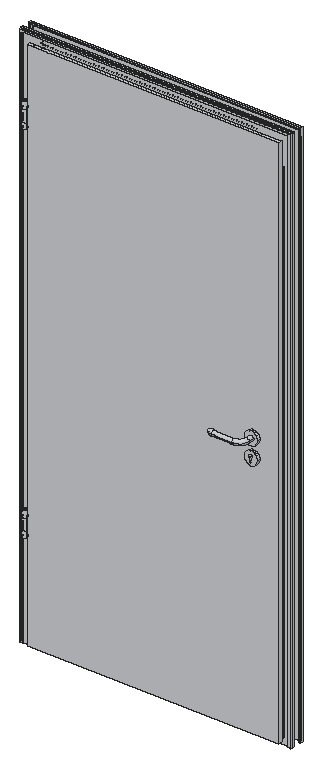
Revit family "BOS-Leibungszarge-Planar-TEud-STW_Familie", category Türen, Revit 2017 (continued)
Definition of nested family "BOS-Info-Texte_Beschriftung"
  Types (12, lengths in mm): name | Unten | Schwarz | Rot | Oben | Info-Text En unten | Info-Text De unten | Info-Text En oben | Info-Text De oben | Warndreieck | Fehlerkreis | Deutsch unten schwarz | Deutsch oben rot | Deutsch oben schwarz
    Wandartauswahl 15Nz15Z | no | yes | no | yes | "Kein Text" | "Kein Text" | "Attention for stud walls: underlay from site required!\r\nFor DIN door leaves, select larger structural wall measurements.\r\nFor selection \"stud walls\":\r\nsee 'Features' (remove tick for brick walls)" | "Achtung bei Ständerwerk: bauseitige Unterfütterung erforderlich!\r\nBei DIN-Türblatt Rohbaumaße größer wählen.\r\nFür Auswahl \"Ständerwerk\": \r\nsiehe 'Eigenschaften' (Häkchen entfernen bei Mauerwerk)." | no | no | no | no | yes
    Technische Hinweise | no | yes | no | yes | "Kein Text" | "Kein Text" | "Due to manufacturing reasons this Revit family may not be changed\r\nwithout consulting BOS!\r\n\r\nDo not mirror frames (door list)!\r\nsee ‘Features’: DIN left / DIN right\r\n\r\nThe solid and stud walls or, for example, their profiles,\r\nmust be designed so that they can reliably and sustainably\r\nabsorb the static and dynamic forces resulting\r\nfrom the load on the door element used." | "Diese Revit-Familie darf aus fertigungstechnischen Gründen\r\nnicht ohne Rücksprache mit BOS abgeändert werden!\r\n\r\nZargen nicht spiegeln (Türliste)!\r\nsiehe 'Eigenschaften': DIN links / DIN rechts\r\n\r\nDie Massiv- und Ständerwerkswände bzw. deren Profile\r\nmüssen so ausgebildet sein, dass sie die statischen\r\nund dynamischen Kräfte, welche sich aus der Belastung\r\nder verwendeten Türelements ergeben, zuverlässig\r\nund nachhaltig aufnehmen können." | no | no | no | no | yes
    Drückerhöhe Warnung | yes | yes | no | no | "Please take the handle depth/height and/or DIN opening direction into account" | "Drückertiefen/-höhen und/oder DIN Richtungen beachten/anpassen!" | "Kein Text" | "Kein Text" | yes | no | yes | no | no
    Maulweite-Dehnungsfuge Fehlermeldung | no | yes | no | yes | "Kein Text" | "Kein Text" | "Check the wall thickness and/or expansion joint!" | "Wandstärke und/oder Dehnungsfuge prüfen!" | no | yes | no | no | yes
    Technische Hinweise Norm | no | yes | no | yes | "Kein Text" | "Kein Text" | "Due to manufacturing reasons this Revit family may not be changed\r\nwithout consulting BOS!\r\n\r\nThe solid and stud walls or, for example, their profiles,\r\nmust be designed so that they can reliably and sustainably\r\nabsorb the static and dynamic forces resulting\r\nfrom the load on the door element used." | "Diese Revit-Familie darf aus fertigungstechnischen Gründen\r\nnicht ohne Rücksprache mit BOS abgeändert werden!\r\n\r\nDie Massiv- und Ständerwerkswände bzw. deren Profile\r\nmüssen so ausgebildet sein, dass sie die statischen\r\nund dynamischen Kräfte, welche sich aus der Belastung\r\nder verwendeten Türelements ergeben, zuverlässig\r\nund nachhaltig aufnehmen können." | no | no | no | no | yes
    Maßauswahl | no | no | yes | yes | "Kein Text" | "Kein Text" | "To choose  Rebate Width/Height Measurement, Receiving Opening\r\nsee 'Features'" | "Auswahl von FMB, FMH, MW\r\nunter 'Eigenschaften'" | no | no | no | yes | no
    Rohbaumaß Warnung | no | yes | no | yes | "Kein Text" | "Kein Text" | "For DIN door leaves, select larger structural wall measurements!\r\nWhen changing the architrave widths, the structural measurements change accordingly." | "Bei DIN-Türblatt Rohbaumaße größer wählen!\r\nBei Änderung der Spiegelbreiten, Rohbaumaße beachten." | no | no | no | no | yes
    Drehpunkt Warnung | no | yes | no | yes | "Kein Text" | "Kein Text" | "The actual pivot point of the door leaf\r\nmay differ from the one illustrated!" | "Der tatsächliche Drehpunkt des Türblattes\r\nkann von der Darstellung abweichen!" | no | no | no | no | yes
  Reference planes
    plane 1: y = 0.955
    plane 2: x = 0
  Lines and regions (mm)
    Filled region 1, type "Gefüllter Bereich Gelb", visible <- "Warndreieck"
      outline origin (-7.188, 1.747, 0) x (1, 0, 0) y (0, 1, 0)
        loop
          line (5.951, -3.033) -> (8.413, -3.033) -> (7.182, -0.9) -> (5.951, -3.033)
    Filled region 2, type "Gefüllter Bereich Rot", visible <- "Fehlerkreis"
      outline origin (0, -3.763, 0) x (1, 0, 0) y (0, 1, 0)
        loop
          circle (0, 3.1) r 1.5
        loop
          line (-0.937, 3.486) -> (-0.937, 2.686) -> (1.023, 2.686) -> (1.023, 3.486) -> (-0.937, 3.486)
    Filled region 3, type "Gefüllter Bereich Weiss", visible <- "Fehlerkreis"
      outline origin (-7.014, -2.062, 0) x (1, 0, 0) y (0, 1, 0)
        loop
          line (6.077, 1.785) -> (6.077, 0.985) -> (8.038, 0.985) -> (8.038, 1.785) -> (6.077, 1.785)
  Text (mm)
    label "Info-Text De oben schwarz" at (0.065, 1.415, 0), shows "Info-Text De oben", visible <- "Deutsch oben schwarz"
    label "!" at (0.065, -0.414, 0), shows "Ausrufezeichen", visible <- "Warndreieck"
    label "Info-Text En oben schwarz" at (0.065, 1.415, 0), shows "Info-Text En oben", visible <- "Englisch oben schwarz"
    label "Info-Text De unten schwarz" at (0.218, -2.468, 0), shows "Info-Text De unten", visible <- "Deutsch unten schwarz"
    label "Info-Text En unten schwarz" at (0.065, -2.419, 0), shows "Info-Text En unten", visible <- "Englisch unten schwarz"
    label "Info-Text En oben rot" at (0.065, 1.415, 0), shows "Info-Text En oben", visible <- "Englisch oben rot"
    label "Info-Text En unten rot" at (0.065, -2.419, 0), shows "Info-Text En unten", visible <- "Englisch unten rot"
    label "Info-Text De unten rot" at (0.065, -2.419, 0), shows "Info-Text De unten", visible <- "Deutsch unten rot"
    label "Info-Text De oben rot" at (-0.371, 1.396, 0), shows "Info-Text De oben", visible <- "Deutsch oben rot"
Definition of nested family "BOS-Sonder-Bügelanker-Leibungszarge-Planar-Eckzarge-V1-V2_Detail"
  Parameters (values of type "BOS-Sonder-Bügelanker-Leibungszarge-Planar-Eckzarge-V1-V2_Detail")
    Wandkern = Mauerwerk  # no
    Stumpf = no
    Putzwinkel = if(Variante 1, Putzwinkel vorne, Putzwinkel hinten)  # 10 mm
    Leibungsüberdeckung = if(Ständerwerk, [GK-Platte], 7 mm)  # 12.5 mm
    Wandstärke = 200 mm
    Variante 2 = no
    Variante 1 = yes
    Unterfütterungsstärke = Profilverschiebung - Ankerblechstärke - if(Mauerwerk, Leibungsüberdeckung, 0 mm)  # 12 mm
    Unterfütterung = yes
    UA-Profil = Ständerwerk  # yes
    Ständerwerk = yes
    Spiegel vorne = 35 mm
    Spiegel hinten = 60 mm
    Mauerwerk = no
    URL = "www.BestOfSteel.de"
    Rechtliche Hinweise = "www.BestOfSteel.de/tools-downloads/bim-building-information-modeling/"
    Putzwinkel vorne = 10 mm
    Putzwinkel hinten = 10 mm
    Profilverschiebung = 15 mm
    Gefälzt = yes
    GT Gesamttiefe = 51.5 mm
    GK-Platte = 12.5 mm
    Falzaufschlag gesamt = 15 mm
    Beplankungsstärke = 2 * [GK-Platte]  # 25 mm
    Beplankungsreferenz = Profilverschiebung + if(Variante 1, Spiegel vorne, Spiegel hinten) + (Falzaufschlag gesamt * if(Variante 1, 1, 0))  # 65 mm
    Beplankungsabstand 2 = 7 mm + Falzaufschlag gesamt  # 22 mm
    Beplankungsabstand 1 = if(Variante 1, Spiegel hinten, Spiegel vorne + Falzaufschlag gesamt) + if(Ständerwerk, Acrylfugenbreite, 0 mm)  # 65 mm
    Beplankung (überdeckte) sichtbar = and(Beplankung, not(and(Variante 1, Gefälzt)))  # no
    Beplankung = Ständerwerk  # yes
    BOS-Architekten-Beratung = "Tel.: +49 (0) 2572 203-203; E-Mail: architekten@BestOfSteel.de"
    Ankerreferenz vertikal = if(Mauerwerk, if(Variante 1, Putzwinkel hinten, Putzwinkel vorne), if(Stumpf, Beplankungsstärke + 2 mm, [GK-Platte] + 1 mm))  # 13.5 mm
    Ankerreferenz horizontal = Profilverschiebung + if(Variante 1, Spiegel vorne, Spiegel hinten) + (Falzaufschlag gesamt * if(Variante 1, 0, -1))  # 50 mm
    Ankerblechstärke = 3 mm
    Technische Infos rund um die Stahlzarge = "www.BestOfSteel.de/tools-downloads/technische-infos-rund-um-die-stahlzarge/"
    Manufacturer = "BOS GmbH BestOfSteel, Lütkenfelde 4, D-48282 Emsdetten"
    Zargenblechstärke = 1.5 mm
    Description = "Sonder-Bügelanker Leibungszarge Planar als Eckzarge, Variante 1oder 2"
    Keynote = "BOS Detail"
    Ankerlänge vorne = if(and(Ständerwerk, Wandstärke - GT Gesamttiefe + Putzwinkel - Beplankungsstärke - 2 mm < 65 mm), Wandstärke - GT Gesamttiefe + Putzwinkel - Beplankungsstärke - 2 mm, 65 mm)  # 65 mm
    Acrylfugenbreite = 5 mm
  Reference planes
    plane 1: y = -142.5
    plane 2: z = 0
    plane 3: x = 7.5
    plane 4: x = 56
    plane 5: y = 44
    plane 6: y = 16
    plane 7: y = -115
    plane 8: x = 19.5
    plane 9: x = 22.5
    plane 10: x = 35
    plane 11: y = 6
    plane 12: x = 53
    plane 13: y = -117.5
    plane 14: y = -130
    plane 15: x = -72.5
    plane 16: y = 57.5
    plane 17: y = 45
    plane 18: y = 32.5
    plane 19: x = -42.5
    plane 20: x = 50.5
    plane 21: x = 7.5
    plane 22: x = 72.5
    plane 23: x = 71
    plane 24: x = 57.5
    plane 25: y = 27.5
    plane 26: y = -49
    plane 27: y = 1
    plane 28: y = 42.5
    plane 29: y = -127.5
    plane 30: y = -44
  Lines and regions (mm)
    detail lines, in view "Ref.-Ebene"
      curve 1: line (22.5, 16, 0) -> (56, 16, 0)
      curve 2: line (56, 16, 0) -> (56, 44, 0)
      curve 3: line (53, 44, 0) -> (53, 16, 0)
      curve 4: line (22.5, -49, 0) -> (22.5, 16, 0)
      curve 34: line (19.5, 44, 0) -> (56, 44, 0)
      curve 37: line (19.5, -49, 0) -> (22.5, -49, 0)
      curve 62: line (19.5, 44, 0) -> (19.5, -49, 0)
    detail lines, in view "Ref.-Ebene", visible <- "Unterfütterung"
      curve 5: line (19.5, 27.5, 0) -> (19.5, -44, 0)
      curve 33: line (7.5, 27.5, 0) -> (19.5, 27.5, 0)
      curve 35: line (7.5, 27.5, 0) -> (19.5, -44, 0)
      curve 36: line (7.5, -44, 0) -> (19.5, 27.5, 0)
      curve 63: line (7.5, -44, 0) -> (19.5, -44, 0)
    detail lines, in view "Ref.-Ebene", visible <- "Beplankung"
      curve 6: line (-72.5, 57.5, 0) -> (7.5, 57.5, 0)
      curve 7: line (7.5, 57.5, 0) -> (7.5, 45, 0)
      curve 8: line (-72.5, 45, 0) -> (7.5, 45, 0)
      curve 9: line (19.5, 32.5, 0) -> (-72.5, 32.5, 0)
      curve 10: line (-72.5, 45, 0) -> (50.5, 45, 0)
      curve 38: line (-72.5, -142.5, 0) -> (35, -142.5, 0)
      curve 39: line (35, -142.5, 0) -> (35, 1, 0)
      curve 40: line (35, 1, 0) -> (22.5, 1, 0)
      curve 41: line (35, -130, 0) -> (-72.5, -130, 0)
      curve 42: line (22.5, 1, 0) -> (22.5, -130, 0)
      curve 43: line (-72.5, -117.5, 0) -> (22.5, -117.5, 0)
    detail lines, in view "Ref.-Ebene", visible <- "UA-Profil"
      curve 11: arc (7.5, 27.5, 0) -> (6.036, 31.036, 0) -> (2.5, 32.5, 0) r 5
      curve 12: arc (2.5, -117.5, 0) -> (6.036, -116.036, 0) -> (7.5, -112.5, 0) r 5
      curve 13: arc (5.5, 27.5, 0) -> (4.621, 29.621, 0) -> (2.5, 30.5, 0) r 3
      curve 14: arc (2.5, -115.5, 0) -> (4.621, -114.621, 0) -> (5.5, -112.5, 0) r 3
      curve 15: line (-42.5, 32.5, 0) -> (-42.5, 30.5, 0)
      curve 16: line (-42.5, 30.5, 0) -> (2.5, 30.5, 0)
      curve 17: line (2.5, -115.5, 0) -> (-42.5, -115.5, 0)
      curve 18: line (-42.5, -115.5, 0) -> (-42.5, -117.5, 0)
      curve 19: line (5.5, 27.5, 0) -> (5.5, -112.5, 0)
      curve 20: line (-42.5, 32.5, 0) -> (2.5, 32.5, 0)
      curve 21: line (2.5, -117.5, 0) -> (-42.5, -117.5, 0)
      curve 22: line (7.5, 27.5, 0) -> (7.5, -44, 0)
    reference lines, in view "Ref.-Ebene"
      curve 23: line (7.5, 47.5, 0) -> (7.5, 57.5, 0)
      curve 25: line (12.5, 47.5, 0) -> (12.5, 55, 0)
      curve 26: arc (7.5, 47.5, 0) -> (10, 47.261, 0) -> (12.5, 47.5, 0) r 13.205
      curve 27: arc (7.5, 57.5, 0) -> (10.241, 56.787, 0) -> (13.066, 56.584, 0) r 15.539
      curve 28: arc (13.066, 56.584, 0) -> (12.646, 55.841, 0) -> (12.5, 55, 0) r 2.5
      curve 44: line (25, 1, 0) -> (35, 1, 0)
      curve 45: line (25, 6, 0) -> (34.084, 6, 0)
      curve 46: arc (25, 1, 0) -> (24.761, 3.5, 0) -> (25, 6, 0) r 13.205
      curve 47: arc (35, 1, 0) -> (34.336, 3.462, 0) -> (34.084, 6, 0) r 15.539
      curve 55: line (7.5, 48.5, 0) -> (4.5, 57.5, 0)
    reference lines, in view "Ref.-Ebene", not visible
      curve 24: line (199.076, 139.468, 0) -> (199.076, 149.468, 0)
      curve 29: line (204.076, 139.468, 0) -> (204.076, 146.968, 0)
      curve 30: arc (199.076, 139.468, 0) -> (201.576, 139.229, 0) -> (204.076, 139.468, 0) r 13.205
      curve 31: arc (199.076, 149.468, 0) -> (201.817, 148.756, 0) -> (204.642, 148.553, 0) r 15.539
      curve 32: arc (204.642, 148.553, 0) -> (204.222, 147.809, 0) -> (204.076, 146.968, 0) r 2.5
      curve 48: line (27.5, -17, 0) -> (37.5, -17, 0)
      curve 49: line (27.5, -12, 0) -> (36.584, -12, 0)
      curve 50: arc (27.5, -17, 0) -> (27.261, -14.5, 0) -> (27.5, -12, 0) r 13.205
      curve 51: arc (37.5, -17, 0) -> (36.836, -14.538, 0) -> (36.584, -12, 0) r 15.539
      curve 56: line (199.076, 140.468, 0) -> (196.076, 149.468, 0)
    detail lines, in view "Ref.-Ebene", visible <- "Mauerwerk"
      curve 52: line (-72.5, 42.5, 0) -> (7.5, 42.5, 0)
      curve 53: line (-72.5, -127.5, 0) -> (7.5, -127.5, 0)
      curve 54: line (7.5, -127.5, 0) -> (7.5, 42.5, 0)
    detail lines, in view "Ref.-Ebene", visible <- "Beplankung (überdeckte) sichtbar"
      curve 57: line (19.5, 32.5, 0) -> (50.5, 32.5, 0)
      curve 58: line (50.5, 32.5, 0) -> (50.5, 44, 0)
    detail lines, in view "Ref.-Ebene", visible <- "Ständerwerk"
      curve 59: line (50.5, 45, 0) -> (50.5, 44, 0)
    detail lines, in view "Ref.-Ebene", visible <- "Beplankung (überdeckte) sichtbar", not visible
      curve 60: line (50.5, 32.5, 0) -> (50.5, 44, 0)
    detail lines, in view "Ref.-Ebene", visible <- "Ständerwerk", not visible
      curve 61: line (50.5, 45, 0) -> (50.5, 44, 0)
  Dimensions and locks
    "Ankerblechstärke": plane 12 to plane 4
    "Ankerblechstärke": plane 8 to plane 9
    equal spacing: plane 1, plane 14, plane 13
    "Beplankungsstärke": plane 1 to plane 13
    plane 15 to plane 3 = 80 mm
    equal spacing: plane 16, plane 17, plane 18
    "Beplankungsstärke": plane 16 to plane 18
    plane 19 to plane 3 = 50 mm
    "Beplankungsabstand 1": plane 21 to plane 22
    "Beplankungsabstand 2": plane 20 to plane 22
    "Wandstärke": plane 1 to plane 16
    plane 7 to plane 13 = 2.5 mm
    "Putzwinkel": plane 6 to plane 11
    "Beplankungsreferenz": plane 3 to plane 22
    "Zargenblechstärke": plane 23 to plane 22
    "Zargenblechstärke": plane 4 to plane 24
    "Ankerreferenz horizontal": plane 3 to plane 24
    "Unterfütterungsstärke": plane 3 to plane 8
    plane 16 to plane 25 = 30 mm
    "Acrylfugenbreite": plane 27 to plane 11
    plane 16 to plane 28 = 15 mm
    plane 1 to plane 29 = 15 mm
    "Leibungsüberdeckung": plane 9 to plane 10
    "GT Gesamttiefe": plane 16 to plane 11
    "Ankerreferenz vertikal": plane 16 to plane 5
    "Ankerlänge vorne": plane 6 to plane 26
    plane 30 to plane 26 = 5 mm
    radius of curve 12 = 5 mm
    radius of curve 11 = 5 mm
    radius of curve 13 = 3 mm
    radius of curve 14 = 3 mm
    aligned and locked: curve 23 to plane 21
    aligned and locked: plane 16 to curve 27
    aligned and locked: plane 27 to curve 44
    aligned and locked: plane 10 to curve 47
    aligned and locked: curve 58 to plane 20
    aligned and locked: plane 17 to curve 59
  Automatic sketch dimensions
    curve 11 to curve 13 = 0 mm  (x8)
    curve 12 to curve 14 = 0 mm  (x8)
    curve 20 to curve 17 = 148 mm
    curve 9 to curve 13 = 17.72 mm
    curve 17 to curve 17 = 45 mm
    curve 12 to curve 19 = 3 mm  (x2)
    curve 14 to curve 22 = 68.529 mm
    curve 22 to curve 7 = 17.5 mm  (x2)
    curve 1 to curve 2 = 43.661 mm
    curve 4 to curve 2 = 73.125 mm
    curve 1 to curve 2 = 28 mm
    curve 9 to curve 10 = 33.425 mm
    curve 7 to curve 6 = 12.5 mm
    curve 6 to curve 15 = 39.051 mm  (x2)
    curve 8 to curve 6 = 12.5 mm  (x2)
    curve 9 to curve 8 = 12.5 mm  (x2)
    curve 10 to curve 8 = 0 mm  (x2)
    curve 3 to curve 2 = 3 mm
    curve 44 to curve 46 = 2.966 mm
    curve 44 to curve 46 = 2.5 mm
    curve 46 to curve 47 = 2.764 mm
    curve 45 to curve 46 = 0 mm
    curve 46 to curve 45 = 9.084 mm
    curve 45 to curve 44 = 0.916 mm
    curve 48 to curve 50 = 2.966 mm
    curve 48 to curve 50 = 2.5 mm
    curve 50 to curve 51 = 2.764 mm
    curve 49 to curve 50 = 0 mm
    curve 50 to curve 49 = 9.084 mm
    curve 49 to curve 48 = 0.916 mm
    curve 27 to curve 26 = 2.5 mm
    curve 27 to curve 25 = 5 mm
    curve 26 to curve 27 = 2.764 mm
    curve 25 to curve 28 = 2.5 mm
    curve 25 to curve 25 = 7.5 mm
    curve 27 to curve 26 = 2.966 mm
    curve 26 to curve 27 = 11.655 mm
    curve 23 to curve 55 = 1 mm
    curve 55 to curve 23 = 3 mm
    curve 28 to curve 23 = 2.5 mm
    curve 55 to curve 23 = 0 mm
    curve 31 to curve 30 = 2.5 mm
    curve 31 to curve 29 = 5 mm
    curve 30 to curve 31 = 2.764 mm
    curve 29 to curve 32 = 2.5 mm
    curve 29 to curve 29 = 7.5 mm
    curve 31 to curve 30 = 2.966 mm
    curve 30 to curve 31 = 11.655 mm
    curve 24 to curve 56 = 1 mm
    curve 56 to curve 24 = 3 mm
    curve 32 to curve 24 = 2.5 mm
    curve 56 to curve 24 = 0 mm
    curve 15 to curve 17 = 146 mm
    curve 15 to curve 20 = 45 mm
    curve 18 to curve 21 = 45 mm
    curve 11 to curve 8 = 13.463 mm
    curve 14 to curve 36 = 68.529 mm
    curve 52 to curve 7 = 2.5 mm
    curve 11 to curve 33 = 12 mm
    curve 7 to curve 34 = 12.042 mm
    curve 5 to curve 1 = 11.885 mm
    curve 40 to curve 1 = 15 mm
    curve 40 to curve 39 = 12.5 mm
    curve 39 to curve 2 = 25.807 mm
    curve 38 to curve 54 = 31.325 mm
    curve 53 to curve 21 = 11.18 mm
    curve 12 to curve 36 = 68.5 mm
    curve 37 to curve 5 = 5 mm
    curve 4 to curve 40 = 51.539 mm
    curve 39 to curve 1 = 25.807 mm
    curve 1 to curve 11 = 23.071 mm
    curve 11 to curve 54 = 11.18 mm
    curve 52 to curve 34 = 12.093 mm
    curve 52 to curve 8 = 2.5 mm  (x2)
    curve 7 to curve 7 = 12.5 mm
    curve 53 to curve 18 = 31.623 mm
    curve 38 to curve 53 = 15 mm
    curve 43 to curve 53 = 10 mm
    curve 41 to curve 53 = 2.5 mm  (x2)
    curve 57 to curve 2 = 12.748 mm
    curve 10 to curve 2 = 5.59 mm
    curve 10 to curve 3 = 2.693 mm
    curve 42 to curve 43 = 12.5 mm
    curve 57 to curve 3 = 11.769 mm
    curve 9 to curve 57 = 0 mm
    curve 3 to curve 10 = 2.693 mm
    curve 52 to plane 15 = 0 mm
    plane 1 to curve 38 = 0 mm
    curve 38 to plane 15 = 0 mm
    curve 8 to plane 15 = 0 mm
    curve 9 to plane 15 = 0 mm
    curve 41 to plane 15 = 0 mm
    curve 53 to plane 15 = 0 mm
    curve 10 to plane 15 = 0 mm
    curve 6 to plane 15 = 0 mm
    plane 13 to curve 43 = 0 mm
    curve 43 to plane 15 = 0 mm
    curve 18 to plane 19 = 0 mm
    curve 20 to plane 18 = 0 mm
    curve 16 to plane 19 = 0 mm
    plane 13 to curve 12 = 0 mm
    curve 52 to plane 3 = 0 mm
    curve 5 to plane 8 = 0 mm
    curve 34 to plane 5 = 0 mm
    curve 34 to plane 8 = 0 mm
    curve 37 to plane 9 = 0 mm
    curve 42 to plane 9 = 0 mm
    curve 7 to plane 16 = 0 mm
    curve 6 to plane 21 = 0 mm
    curve 39 to plane 10 = 0 mm
    curve 57 to plane 18 = 0 mm
    curve 57 to plane 20 = 0 mm
    curve 10 to plane 17 = 0 mm
    curve 10 to plane 20 = 0 mm
    curve 3 to plane 12 = 0 mm
    curve 34 to plane 4 = 0 mm
    plane 14 to curve 42 = 0 mm
    curve 53 to plane 29 = 0 mm
    curve 35 to plane 30 = 0 mm
    curve 4 to plane 26 = 0 mm
    curve 42 to plane 27 = 0 mm
    plane 6 to curve 4 = 0 mm
    curve 9 to plane 18 = 0 mm
    curve 52 to plane 28 = 0 mm
    curve 7 to plane 17 = 0 mm
Definition of nested family "BOS-Logo_Modell"
  Parameters (values of type "BOS-Logo_Modell")
    URL = "www.BestOfSteel.de"
    Rechtliche Hinweise = "www.BestOfSteel.de/tools-downloads/bim-building-information-modeling/"
    Description = "BOS Logo"
    Keynote = "BOS Logo"
    BOS-Architekten-Beratung = "Tel.: +49 (0) 2572 203-203; E-Mail: architekten@BestOfSteel.de"
    Technische Infos rund um die Stahlzarge = "www.BestOfSteel.de/tools-downloads/technische-infos-rund-um-die-stahlzarge/"
    Abstand vertikal = 10 mm
    Abstand horizontal = 15 mm
  Reference planes
    plane 1: y = 0
    plane 2: z = 0
    plane 3: x = 0
    plane 4: x = -7
    plane 5: x = 7
    plane 6: y = 8.299
    plane 7: x = 15
    plane 8: y = 4.15
    plane 9: x = -15
    plane 10: y = 14.15
    plane 11: y = -5.85
  Dimensions and locks
    plane 4 to plane 3 to plane 5 = 7 mm, 7 mm
    "Abstand vertikal": plane 11 to plane 8 to plane 10
    plane 6 to plane 8 to plane 1 = 4.15 mm, 4.15 mm
    "Abstand horizontal": plane 9 to plane 3
    "Abstand horizontal": plane 3 to plane 7
    aligned and locked: level to plane 2
Types (3, lengths in mm): name | Türblattabstand 1 | Türblattversatz  horizontal | Theoretisches Rohbaumaß Höhe   Theoretical Wall Opening Height Measurement | Theoretisches Rohbaumaß Breite   Theoretical Wall Opening Width Measurement | MW min. | MW max. | MW Maulweite | Drehpunktposition vertikal | Drehpunktposition horizontal | Drehpunktabstand (SP) vertikal | Drehpunktabstand (FM) horizontal | Stumpf | VX Bänder | Spiegel vorne min. | Gefälzt | Türblattstärke 2 | Türblattstärke 1 | Türblattversatz vertikal | Tectus Bänder | TEud | TEsd (versteckt liegendes Band) | TEsd (Bandrolle sichtbar) | Spiegel vorne   Architrave Front | Spiegel vorne | Modell | MW Maulweite   Receiving Opening | Height | GT min. | GT max. | GT Gesamttiefe_Zarge   Total Profile Depth | Falztiefe gesamt | Falztiefe | Einfügepunkt | Bänder - Auswahl | Beschreibung
  TEud | 1.5 | 11.5 | 2166 | 1082 | 31.5 | 31.5 | 31.5 | 164 | 1545 | 12.5 | 21 | no | yes | 50 | yes | 25.5 | 14.5 | -3.5 | no | yes | no | no | 50 | 50 | "TEud" | 31.5 | 2166 | 51.5 | 51.5 | 51.5 | 28.5 | 28.5 | 58 | "3D Bänder gefälzt, Bandaufnahmen BVX11000" | "Leibungszarge Planar als Eckzarge für Ständerwerk Variante 1, gefälzt"
  TEsd (Bandrolle sichtbar) | -2 | 6 | 2151 | 1052 | 49.5 | 49.5 | 49.5 | 183 | 1511.5 | 13.5 | 2.5 | yes | yes | 35 | no | 40 | 0 | 15.5 | no | no | no | yes | 35 | 35 | "TEsd" | 49.5 | 2151 | 69.5 | 69.5 | 69.5 | 46.5 | 46.5 | 43 | "3D Bänder stumpf, Bandaufnahmen BVX11000" | "Leibungszarge Planar als Eckzarge für Ständerwerk Variante 1, stumpf (Bandrolle sichtbar)"
  TEsd (verdeckt liegendes Band) | -2 | 6 | 2161 | 1072 | 49.5 | 49.5 | 49.5 | 183 | 1521.5 | 13.5 | 2.5 | yes | no | 45 | no | 40 | 0 | 15.5 | yes | no | yes | no | 45 | 45 | "TEsd" | 49.5 | 2161 | 69.5 | 69.5 | 69.5 | 46.5 | 46.5 | 53 | "Tectus 3D Bänder, Bandaufnahmenn für Tectus Bänder" | "Leibungszarge Planar als Eckzarge für Ständerwerk Variante 1, stumpf (verdeckt liegendes Band)"
